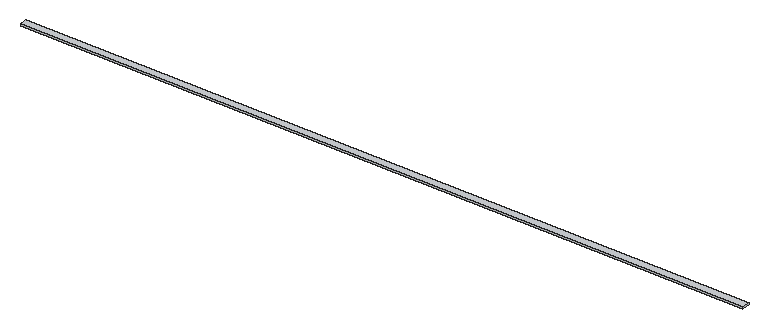
Revit family "STANDARD RGB 5050 IP68_LHRGBEXT", category Luminarias, Revit 2019
Family settings
  Cota de conector redondo = Diámetro de uso
  Tipo de pieza = Normal
  Se basa en plano de trabajo = Sí
  Siempre vertical = No
  Corte con vacíos al cargar = No
  Origen de luz = Sí
  Compartido = No
  Punto de cálculo de habitación = No
Parameters (values of type "STANDARD RGB 5050 IP68_LHRGBEXT")
  Zone [instance] = ""
  Watt per fixture [instance] = (Longitud / 1000 mm) * (12)  # 12
  Wattage = 12 W
  built-in parameter 1150107 = 4000 (stored number, unit not read)
  Light Source Symbol Size = 609.6 mm
  built-in parameter 1150110 = 1 (stored number, unit not read)
  built-in parameter 1150109 = 1 (stored number, unit not read)
  built-in parameter 1150112 = 1 (stored number, unit not read)
  built-in parameter 1150113 = 1 (stored number, unit not read)
  built-in parameter 1114218 = 1 (stored number, unit not read)
  built-in parameter 1150137 = (empty or 0)
  built-in parameter 1150132 = (empty or 0)
  Modelo Lampara = "5050 SMD"
  Modelo = "LHRGBEXT"
  Marca = "BRILLANT"
  Longitud de línea de emisión = 600 mm
  Longitud [instance] = 1000 mm
  built-in parameter 1150105 = 347.59 (stored number, unit not read)
  built-in parameter 1150102 = (empty or 0)
  built-in parameter 1150106 = 3.4759 (stored number, unit not read)
  Lumens = 1092 lm
  Color Filter = 16777215
  built-in parameter 1114217 = 1 (stored number, unit not read)
  built-in parameter 1150139 = (empty or 0)
  Fabricante = "BRILLANT"
  Default Elevation = 0 mm
  built-in parameter 1150104 = 8.4542 (stored number, unit not read)
  Descripción = "TIRA LUMINOSA STANDARD RGB 5050 DE UN MATERIAL PCB COBRE CON RECUBRIMIENTO DE PLASTICO, CON UNA POTENCIA DE 12W/M DE UN TIPO DE LED 5050 SMD, USO PARA EXTERIORES IP68, IRC80, 60 LEDS POR METRO, PRESENTACION DE 5M, CORTE 5CM, DISPONIBLE  PARA ATENUACION, ALIMENTADO A 12V, REQUIERE ACCESORIOS."
  built-in parameter 1150115 = 1 (stored number, unit not read)
  built-in parameter 1150114 = 1 (stored number, unit not read)
  Costo USD_LHRGBEXT [instance] = (Longitud / 1000 mm) * (25)  # 25
  Comentarios de vataje = "12"
  built-in parameter 1150138 = (empty or 0)
  built-in parameter 1150134 = 12
  Circuit [instance] = ""
  Dimming Lamp Color Temperature Shift = (empty or 0)
  built-in parameter 1150133 = 10 (stored number, unit not read)
Reference planes
  plane 1 "Centro (Frontal/Posterior)": y = 0
  plane 2: z = 0
  plane 3 "Centro (Izquierda/Derecha)": x = 0
  plane 4 "IZQ": x = -1000
  plane 5: z = 2.139
Forms (mm)
  Extrusion 1, solid
    sketch origin (0, 0, 0) x (1, 0, 0) y (0, 1, 0)
      loop
        line (-1000, 5) -> (-1000, -5) -> (0, -5) -> (0, 5) -> (-1000, 5)
    from 0 to 2.139
Dimensions and locks
  plane 5 to imposter light = 2.139 mm
  "Longitud": plane 4 "IZQ" to plane 3 "Centro (Izquierda/Derecha)"
  aligned and locked: level to plane 2
  aligned and locked: plane 4 "IZQ" to Extrusion 1
  aligned and locked: plane 5 to Extrusion 1
  aligned and locked: plane 3 "Centro (Izquierda/Derecha)" to Extrusion 1
Automatic sketch dimensions
  Extrusion 1 sketch curve to plane 4 "IZQ" = 0 mm
  Extrusion 1 sketch curve to plane 3 "Centro (Izquierda/Derecha)" = 0 mm
  plane 1 "Centro (Frontal/Posterior)" to Extrusion 1 sketch curve = 5 mm
  Extrusion 1 sketch curve to plane 1 "Centro (Frontal/Posterior)" = 5 mm
Connectors
  electrical at (0, 0, 1.07)
    settings: on Extrusion 1, index 1, voltage 12 V, apparent load 0 VA, apparent load phase1 0 VA, apparent load phase2 0 VA, apparent load phase3 0 VA, power factor 1, load classification "Otro", number of poles 1, system type 31, power factor state 1, is connector primary yes, connector utility no, sub classification motor no, connector description ""
